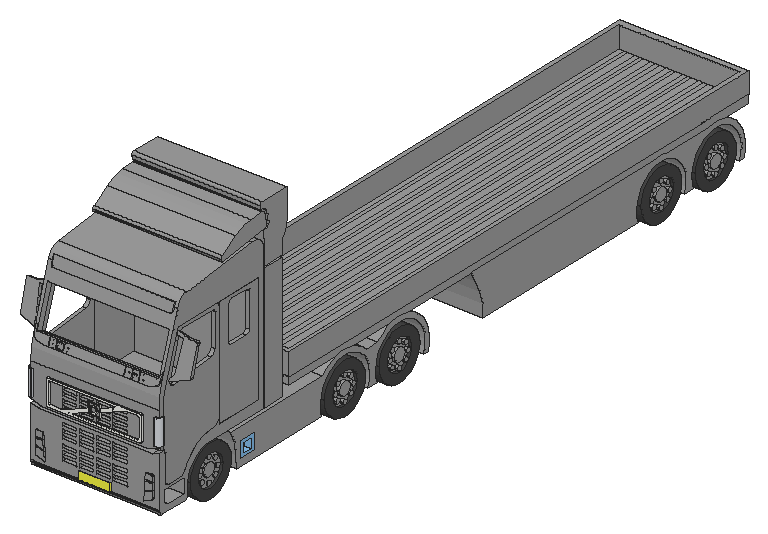
Revit family
Parameters (values of type "Concrete Truck")
  Cab Material = Metal - Paint Finish - White, Matte
  Tire Material = Plastic - Black
  Trailer Material = Metal - Paint Finish - White, Matte
  Assembly Code = ""
Reference planes
  plane 1: z = 0
  plane 2: z = 457.2
  plane 3: z = 457.2
  plane 4: z = 457.2
  plane 5: z = 457.2
  plane 6: z = 457.2
  plane 7: z = 457.2
  plane 8: z = 457.2
  plane 9: z = 457.2
  plane 10: z = 457.2
  plane 11: z = 457.2
Forms (mm)
  Extrusion 1, solid, material "Plastic - Black" <- "Tire Material"
    sketch origin (165.492, 93.444, 0) x (0, -1, 0) y (0, 0, -1)
      loop
        circle (-1660.362, -514.35) r 520.7
      loop
        circle (-241.162, -514.35) r 520.7
      loop
        circle (-241.162, -514.35) r 330.2
      loop
        circle (-1660.362, -514.35) r 330.2
    from 873.125 to 1127.125
  Extrusion 2, solid, material "KASA"
    sketch origin (-43.962, 1371.6, 0) x (0, -1, 0) y (0, 0, 1)
      loop
        line (5126.253, 4115.31) -> (3423.785, 4294.247)
        arc (3423.785, 4294.247) -> (3238.107, 4233.917) -> (3158.698, 4055.562) r 240
        line (3158.698, 4055.562) -> (3158.698, 1071.828) -> (4519.272, 1071.828)
        arc (4519.272, 1071.828) -> (4924.656, 927.437) -> (5147.484, 559.289) r 641.265
        line (5147.484, 559.289) -> (5147.484, 298.433)
        arc (5147.484, 298.433) -> (5160.664, 266.613) -> (5192.484, 253.433) r 45
        line (5192.484, 253.433) -> (5780.246, 253.433)
        arc (5780.246, 253.433) -> (5812.066, 266.613) -> (5825.246, 298.433) r 45
        line (5825.246, 298.433) -> (5825.246, 328.433) -> (5824.138, 328.433)
        arc (5824.138, 328.433) -> (5845.351, 337.22) -> (5854.138, 358.433) r 30
        line (5854.138, 358.433) -> (5854.138, 2208.735)
        arc (5854.138, 2208.735) -> (5835.301, 2448.08) -> (5779.254, 2681.531) r 1530
        line (5779.254, 2681.531) -> (5380.212, 3909.659)
        arc (5380.212, 3909.659) -> (5283.691, 4050.098) -> (5126.253, 4115.31) r 300
      loop
        line (5199.624, 693.996) -> (5199.624, 373.996) -> (5599.624, 373.996)
        arc (5599.624, 373.996) -> (5698.619, 415.001) -> (5739.624, 513.996) r 140
        line (5739.624, 513.996) -> (5739.624, 693.996) -> (5199.624, 693.996)
    from -1336.578 to 1336.578
  Extrusion 3, solid, material "KASA 2"
    sketch origin (1292.617, 93.444, 0) x (0, -1, 0) y (0, 0, -1)
      loop
        line (2570.328, -253.433) -> (370.328, -253.433)
        arc (370.328, -253.433) -> (-239.672, -1143.064) -> (-849.672, -253.433) r 653.947
        line (-849.672, -253.433) -> (-1061.998, -253.433)
        arc (-1061.998, -253.433) -> (-1671.998, -1143.064) -> (-2281.998, -253.433) r 653.947
        line (-2281.998, -253.433) -> (-2388.161, -253.433)
        arc (-2388.161, -253.433) -> (-2049.167, -1141.942) -> (-1110.109, -991.828) r 753.947
        line (-1110.109, -991.828) -> (-801.56, -991.828)
        arc (-801.56, -991.828) -> (-239.672, -1243.064) -> (322.217, -991.828) r 753.947
        line (322.217, -991.828) -> (2713.858, -991.828)
        arc (2713.858, -991.828) -> (2598.163, -631.17) -> (2570.328, -253.433) r 1602.82
    from -720.725 to 0
  Extrusion 4, solid, material "Metal - Paint Finish - White, Matte"
    sketch origin (-1201.467, -4482.538, 905.657) x (1, 0, 0) y (0, 0, 1)
      loop
        arc (201.7, 1132.987) -> (176.952, 1122.736) -> (166.7, 1097.987) r 35
        line (166.7, 1097.987) -> (166.7, 617.719)
        arc (166.7, 617.719) -> (176.952, 592.971) -> (201.7, 582.719) r 35
        line (201.7, 582.719) -> (2113.31, 582.719)
        arc (2113.31, 582.719) -> (2138.059, 592.971) -> (2148.31, 617.719) r 35
        line (2148.31, 617.719) -> (2148.31, 1097.987)
        arc (2148.31, 1097.987) -> (2138.059, 1122.736) -> (2113.31, 1132.987) r 35
        line (2113.31, 1132.987) -> (201.7, 1132.987)
      loop
        arc (216.7, 667.719) -> (226.952, 642.971) -> (251.7, 632.719) r 35
        line (251.7, 632.719) -> (486.7, 632.719) -> (1021.853, 835.203) -> (1021.853, 983.608) -> (1281.853, 983.608) -> (1281.853, 933.578) -> (1676.732, 1082.987) -> (251.7, 1082.987)
        arc (251.7, 1082.987) -> (226.952, 1072.736) -> (216.7, 1047.987) r 35
        line (216.7, 1047.987) -> (216.7, 667.719)
      loop
        arc (2063.31, 632.719) -> (2088.059, 642.971) -> (2098.31, 667.719) r 35
        line (2098.31, 667.719) -> (2098.31, 1047.987)
        arc (2098.31, 1047.987) -> (2088.059, 1072.736) -> (2063.31, 1082.987) r 35
        line (2063.31, 1082.987) -> (1823.76, 1082.987) -> (1281.853, 877.948) -> (1281.853, 753.608) -> (1021.853, 753.608) -> (1021.853, 779.573) -> (633.728, 632.719) -> (2063.31, 632.719)
    from 0 to 23.416
  Extrusion 5, solid, material "Metal - Steel"
    sketch origin (1292.617, 93.444, 0) x (0, -1, 0) y (0, 0, -1)
      loop
        circle (-241.162, -514.345) r 330.2
      loop
        circle (-1660.362, -514.35) r 330.2
    from -254 to -81.558
  Extrusion 6, solid, material "Metal - Steel"
    sketch origin (-1380.54, -4482.538, -61.567) x (1, 0, 0) y (0, 0, 1)
      loop
        line (2517.997, 1043.52) -> (2410.505, 1043.52) -> (2400.63, 913.31) -> (2552.997, 913.31) -> (2552.997, 1008.52)
        arc (2552.997, 1008.52) -> (2542.746, 1033.269) -> (2517.997, 1043.52) r 35
      loop
        line (2370.474, 510.685) -> (2534.01, 575.226)
        arc (2534.01, 575.226) -> (2547.8, 586.255) -> (2552.997, 603.132) r 30
        line (2552.997, 603.132) -> (2552.997, 741.991) -> (2382.926, 674.871) -> (2370.474, 510.685)
      loop
        line (2384.638, 697.447) -> (2552.997, 763.891) -> (2552.997, 890.179) -> (2399.255, 890.179) -> (2384.638, 697.447)
      loop
        arc (155.16, 1043.52) -> (130.411, 1033.269) -> (120.16, 1008.52) r 35
        line (120.16, 1008.52) -> (120.16, 913.31) -> (272.527, 913.31) -> (262.652, 1043.52) -> (155.16, 1043.52)
      loop
        line (302.683, 510.685) -> (290.231, 674.871) -> (120.16, 741.991) -> (120.16, 603.132)
        arc (120.16, 603.132) -> (125.357, 586.255) -> (139.147, 575.226) r 30
        line (139.147, 575.226) -> (302.683, 510.685)
      loop
        line (288.519, 697.447) -> (273.902, 890.179) -> (120.16, 890.179) -> (120.16, 763.891) -> (288.519, 697.447)
    from 0 to 23.416
  Extrusion 7, solid, material "Plastic - Black" <- "Tire Material"
    sketch origin (-253.415, -3648.4, 0) x (0, -1, 0) y (0, 0, 1)
      loop
        circle (-501.162, 514.35) r 520.7
      loop
        circle (-501.162, 514.35) r 330.2
    from 736.033 to 1127.125
  Extrusion 8, solid, material "Metal - Steel"
    sketch origin (-1380.54, -3648.4, 0) x (0, -1, 0) y (0, 0, 1)
      loop
        circle (-502.981, 514.345) r 330.2
    from -254 to -81.558
  Extrusion 9, solid, material "KASA"
    sketch origin (1532.41, -4403.017, 2058.132) x (1, 0, 0) y (0, 0.275637, 0.961262)
      loop
        line (164.108, 1435.184) -> (8.716, 1435.184) -> (-253.371, 1505.41) -> (-253.371, 1445.41) -> (-75.768, 1397.821) -> (-123.879, 763.459) -> (-253.371, 633.967) -> (-387.288, 561.356) -> (180.121, 785.288)
        arc (180.121, 785.288) -> (193.911, 796.318) -> (199.108, 813.194) r 30
        line (199.108, 813.194) -> (199.108, 1400.184)
        arc (199.108, 1400.184) -> (188.856, 1424.932) -> (164.108, 1435.184) r 35
    from -25.436 to 23.416
  Extrusion 10, solid, material "JANT"
    sketch origin (1134.038, 93.444, 0) x (0, -1, 0) y (0, 0, -1)
      loop
        circle (3416.245, -675.51) r 40
      loop
        circle (3237.887, -765.365) r 40
      loop
        circle (3475.316, -505.214) r 40
      loop
        circle (3065.119, -675.51) r 40
      loop
        circle (3006.049, -505.214) r 40
      loop
        circle (3416.245, -353.19) r 40
      loop
        circle (3237.887, -263.335) r 40
      loop
        circle (3065.119, -353.19) r 40
      loop
        circle (3238.863, -514.35) r 130
    from -2479.578 to -2260.578
  Extrusion 11, solid, material "JANT"
    sketch origin (-1380.54, 3575.287, 0) x (0, -1, 0) y (0, 0, 1)
      loop
        circle (3416.245, 675.51) r 40
      loop
        circle (3237.887, 765.365) r 40
      loop
        circle (3475.316, 505.214) r 40
      loop
        circle (3065.119, 675.51) r 40
      loop
        circle (3006.049, 505.214) r 40
      loop
        circle (3416.245, 353.19) r 40
      loop
        circle (3237.887, 263.335) r 40
      loop
        circle (3065.119, 353.19) r 40
      loop
        circle (3238.863, 514.35) r 130
    from -2673.157 to -2419.157
  Extrusion 12, solid, material "Plastic - Black" <- "Tire Material"
    sketch origin (165.492, -3648.4, 0) x (0, -1, 0) y (0, 0, -1)
      loop
        circle (-501.162, -514.35) r 520.7
      loop
        circle (-501.162, -514.35) r 330.2
    from 736.033 to 1127.125
  Extrusion 13, solid, material "Metal - Steel"
    sketch origin (1292.617, -3648.4, 0) x (0, -1, 0) y (0, 0, -1)
      loop
        circle (-502.981, -514.345) r 330.2
    from -254 to -81.558
  Extrusion 14, solid, material "JANT"
    sketch origin (-1221.962, 93.444, 0) x (0, -1, 0) y (0, 0, 1)
      loop
        circle (3416.245, 675.51) r 40
      loop
        circle (3237.887, 765.365) r 40
      loop
        circle (3475.316, 505.214) r 40
      loop
        circle (3065.119, 675.51) r 40
      loop
        circle (3006.049, 505.214) r 40
      loop
        circle (3416.245, 353.19) r 40
      loop
        circle (3237.887, 263.335) r 40
      loop
        circle (3065.119, 353.19) r 40
      loop
        circle (3238.863, 514.35) r 130
    from -2479.578 to -2260.578
  Extrusion 15, void
    sketch origin (-1380.54, 93.444, -300) x (0, 1, 0) y (0, 0, 1)
      loop
        line (-4461.468, 993.996) -> (-4461.468, 813.996)
        arc (-4461.468, 813.996) -> (-4420.463, 715.001) -> (-4321.468, 673.996) r 140
        line (-4321.468, 673.996) -> (-3921.468, 673.996) -> (-3921.468, 993.996) -> (-4461.468, 993.996)
    from 0 to 250
  Extrusion 16, void
    sketch origin (-1380.54, -4407.654, 2681.531) x (-1, 0, 0) y (0, 0.309017, 0.951057)
      loop
        line (-76.2, 918.918) -> (-2596.957, 918.918) -> (-2596.957, 80.718) -> (-76.2, 80.718) -> (-76.2, 918.918)
    from 0 to 250
  Extrusion 17, void
    sketch origin (-1380.54, -4407.654, 2681.531) x (-1, 0, 0) y (0, 0.309017, 0.951057)
      loop
        line (-76.2, 918.918) -> (-2419.157, 918.918) -> (-2419.157, 80.718) -> (-76.2, 80.718) -> (-76.2, 918.918)
    from -253.563 to 1674.622
  Extrusion 18, void
    sketch origin (-1380.54, -4482.538, 778.433) x (-1, 0, 0) y (0, 0, 1)
      loop
        line (-665.774, 759.943) -> (-665.774, 839.943) -> (-960.774, 839.943) -> (-960.774, 759.943) -> (-665.774, 759.943)
      loop
        line (-1015.774, 759.943) -> (-1015.774, 839.943) -> (-1310.774, 839.943) -> (-1310.774, 759.943) -> (-1015.774, 759.943)
      loop
        line (-1365.774, 759.943) -> (-1365.774, 839.943) -> (-1660.774, 839.943) -> (-1660.774, 759.943) -> (-1365.774, 759.943)
      loop
        line (-1715.774, 759.943) -> (-1715.774, 839.943) -> (-2010.774, 839.943) -> (-2010.774, 759.943) -> (-1715.774, 759.943)
      loop
        line (-665.774, 879.943) -> (-665.774, 959.943) -> (-960.774, 959.943) -> (-960.774, 879.943) -> (-665.774, 879.943)
      loop
        line (-1015.774, 879.943) -> (-1015.774, 959.943) -> (-1310.774, 959.943) -> (-1310.774, 879.943) -> (-1015.774, 879.943)
      loop
        line (-1365.774, 879.943) -> (-1365.774, 959.943) -> (-1660.774, 959.943) -> (-1660.774, 879.943) -> (-1365.774, 879.943)
      loop
        line (-1715.774, 879.943) -> (-1715.774, 959.943) -> (-2010.774, 959.943) -> (-2010.774, 879.943) -> (-1715.774, 879.943)
      loop
        line (-665.774, 999.943) -> (-665.774, 1079.943) -> (-960.774, 1079.943) -> (-960.774, 999.943) -> (-665.774, 999.943)
      loop
        line (-1015.774, 999.943) -> (-1015.774, 1079.943) -> (-1310.774, 1079.943) -> (-1310.774, 999.943) -> (-1015.774, 999.943)
      loop
        line (-1365.774, 999.943) -> (-1365.774, 1079.943) -> (-1660.774, 1079.943) -> (-1660.774, 999.943) -> (-1365.774, 999.943)
      loop
        line (-1715.774, 999.943) -> (-1715.774, 1079.943) -> (-2010.774, 1079.943) -> (-2010.774, 999.943) -> (-1715.774, 999.943)
      loop
        line (-665.774, 1119.943) -> (-665.774, 1199.943) -> (-960.774, 1199.943) -> (-960.774, 1119.943) -> (-665.774, 1119.943)
      loop
        line (-1015.774, 1119.943) -> (-1015.774, 1199.943) -> (-1310.774, 1199.943) -> (-1310.774, 1119.943) -> (-1015.774, 1119.943)
      loop
        line (-1365.774, 1119.943) -> (-1365.774, 1199.943) -> (-1660.774, 1199.943) -> (-1660.774, 1119.943) -> (-1365.774, 1119.943)
      loop
        line (-1715.774, 1119.943) -> (-1715.774, 1199.943) -> (-2010.774, 1199.943) -> (-2010.774, 1119.943) -> (-1715.774, 1119.943)
      loop
        line (-665.774, 199.943) -> (-665.774, 279.943) -> (-960.774, 279.943) -> (-960.774, 199.943) -> (-665.774, 199.943)
      loop
        line (-1015.774, 199.943) -> (-1015.774, 279.943) -> (-1310.774, 279.943) -> (-1310.774, 199.943) -> (-1015.774, 199.943)
      loop
        line (-1365.774, 199.943) -> (-1365.774, 279.943) -> (-1660.774, 279.943) -> (-1660.774, 199.943) -> (-1365.774, 199.943)
      loop
        line (-1715.774, 199.943) -> (-1715.774, 279.943) -> (-2010.774, 279.943) -> (-2010.774, 199.943) -> (-1715.774, 199.943)
      loop
        line (-665.774, 319.943) -> (-665.774, 399.943) -> (-960.774, 399.943) -> (-960.774, 319.943) -> (-665.774, 319.943)
      loop
        line (-1015.774, 319.943) -> (-1015.774, 399.943) -> (-1310.774, 399.943) -> (-1310.774, 319.943) -> (-1015.774, 319.943)
      loop
        line (-1365.774, 319.943) -> (-1365.774, 399.943) -> (-1660.774, 399.943) -> (-1660.774, 319.943) -> (-1365.774, 319.943)
      loop
        line (-1715.774, 319.943) -> (-1715.774, 399.943) -> (-2010.774, 399.943) -> (-2010.774, 319.943) -> (-1715.774, 319.943)
      loop
        line (-665.774, 439.943) -> (-665.774, 519.943) -> (-960.774, 519.943) -> (-960.774, 439.943) -> (-665.774, 439.943)
      loop
        line (-1015.774, 439.943) -> (-1015.774, 519.943) -> (-1310.774, 519.943) -> (-1310.774, 439.943) -> (-1015.774, 439.943)
      loop
        line (-1365.774, 439.943) -> (-1365.774, 519.943) -> (-1660.774, 519.943) -> (-1660.774, 439.943) -> (-1365.774, 439.943)
      loop
        line (-1715.774, 439.943) -> (-1715.774, 519.943) -> (-2010.774, 519.943) -> (-2010.774, 439.943) -> (-1715.774, 439.943)
      loop
        line (-665.774, -204.984) -> (-665.774, -124.984) -> (-960.774, -124.984) -> (-960.774, -204.984) -> (-665.774, -204.984)
      loop
        line (-1015.774, -204.984) -> (-1015.774, -124.984) -> (-1310.774, -124.984) -> (-1310.774, -204.984) -> (-1015.774, -204.984)
      loop
        line (-1365.774, -204.984) -> (-1365.774, -124.984) -> (-1660.774, -124.984) -> (-1660.774, -204.984) -> (-1365.774, -204.984)
      loop
        line (-1715.774, -204.984) -> (-1715.774, -124.984) -> (-2010.774, -124.984) -> (-2010.774, -204.984) -> (-1715.774, -204.984)
      loop
        line (-665.774, -84.984) -> (-665.774, -4.984) -> (-960.774, -4.984) -> (-960.774, -84.984) -> (-665.774, -84.984)
      loop
        line (-1015.774, -84.984) -> (-1015.774, -4.984) -> (-1310.774, -4.984) -> (-1310.774, -84.984) -> (-1015.774, -84.984)
      loop
        line (-1365.774, -84.984) -> (-1365.774, -4.984) -> (-1660.774, -4.984) -> (-1660.774, -84.984) -> (-1365.774, -84.984)
      loop
        line (-1715.774, -84.984) -> (-1715.774, -4.984) -> (-2010.774, -4.984) -> (-2010.774, -84.984) -> (-1715.774, -84.984)
      loop
        line (-665.774, 35.016) -> (-665.774, 115.016) -> (-960.774, 115.016) -> (-960.774, 35.016) -> (-665.774, 35.016)
      loop
        line (-1015.774, 35.016) -> (-1015.774, 115.016) -> (-1310.774, 115.016) -> (-1310.774, 35.016) -> (-1015.774, 35.016)
      loop
        line (-1365.774, 35.016) -> (-1365.774, 115.016) -> (-1660.774, 115.016) -> (-1660.774, 35.016) -> (-1365.774, 35.016)
      loop
        line (-1715.774, 35.016) -> (-1715.774, 115.016) -> (-2010.774, 115.016) -> (-2010.774, 35.016) -> (-1715.774, 35.016)
      loop
        line (-251.257, 659.943) -> (-2421.9, 659.943) -> (-2673.157, 741.581) -> (-2673.157, 636.435) -> (-2534.494, 591.381) -> (-138.663, 591.381) -> (0, 636.435) -> (0, 741.581) -> (-251.257, 659.943)
    from 0 to 150
  Extrusion 19, solid, material "JANT"
    sketch origin (-1380.54, 4994.487, 0) x (0, -1, 0) y (0, 0, 1)
      loop
        circle (3416.245, 675.51) r 40
      loop
        circle (3237.887, 765.365) r 40
      loop
        circle (3475.316, 505.214) r 40
      loop
        circle (3065.119, 675.51) r 40
      loop
        circle (3006.049, 505.214) r 40
      loop
        circle (3416.245, 353.19) r 40
      loop
        circle (3237.887, 263.335) r 40
      loop
        circle (3065.119, 353.19) r 40
      loop
        circle (3238.863, 514.35) r 130
    from -2673.157 to -2419.157
  Extrusion 20, solid, material "Plastic - Black" <- "Tire Material"
    sketch origin (-253.415, 93.444, 0) x (0, -1, 0) y (0, 0, 1)
      loop
        circle (-1660.362, 514.35) r 520.7
      loop
        circle (-241.162, 514.35) r 520.7
      loop
        circle (-241.162, 514.35) r 330.2
      loop
        circle (-1660.362, 514.35) r 330.2
    from 873.125 to 1127.125
  Extrusion 21, solid, material "KASA 2"
    sketch origin (-1380.54, 93.444, 0) x (0, -1, 0) y (0, 0, 1)
      loop
        arc (2570.328, 253.433) -> (2598.163, 631.17) -> (2713.858, 991.828) r 1602.82
        line (2713.858, 991.828) -> (322.217, 991.828)
        arc (322.217, 991.828) -> (-239.672, 1243.064) -> (-801.56, 991.828) r 753.947
        line (-801.56, 991.828) -> (-1110.109, 991.828)
        arc (-1110.109, 991.828) -> (-2049.167, 1141.942) -> (-2388.161, 253.433) r 753.947
        line (-2388.161, 253.433) -> (-2281.998, 253.433)
        arc (-2281.998, 253.433) -> (-1671.998, 1143.064) -> (-1061.998, 253.433) r 653.947
        line (-1061.998, 253.433) -> (-849.672, 253.433)
        arc (-849.672, 253.433) -> (-239.672, 1143.064) -> (370.328, 253.433) r 653.947
        line (370.328, 253.433) -> (2570.328, 253.433)
    from -720.725 to 0
  Extrusion 22, solid, material "Metal - Steel"
    sketch origin (-1380.54, 93.444, 0) x (0, -1, 0) y (0, 0, 1)
      loop
        circle (-241.162, 514.345) r 330.2
      loop
        circle (-1660.362, 514.35) r 330.2
    from -254 to -81.558
  Extrusion 23, solid, material "JANT"
    sketch origin (1292.617, 3575.287, 0) x (0, -1, 0) y (0, 0, -1)
      loop
        circle (3416.245, -675.51) r 40
      loop
        circle (3237.887, -765.365) r 40
      loop
        circle (3475.316, -505.214) r 40
      loop
        circle (3065.119, -675.51) r 40
      loop
        circle (3006.049, -505.214) r 40
      loop
        circle (3416.245, -353.19) r 40
      loop
        circle (3237.887, -263.335) r 40
      loop
        circle (3065.119, -353.19) r 40
      loop
        circle (3238.863, -514.35) r 130
    from -2673.157 to -2419.157
  Extrusion 24, solid, material "JANT"
    sketch origin (1292.617, 4994.487, 0) x (0, -1, 0) y (0, 0, -1)
      loop
        circle (3416.245, -675.51) r 40
      loop
        circle (3237.887, -765.365) r 40
      loop
        circle (3475.316, -505.214) r 40
      loop
        circle (3065.119, -675.51) r 40
      loop
        circle (3006.049, -505.214) r 40
      loop
        circle (3416.245, -353.19) r 40
      loop
        circle (3237.887, -263.335) r 40
      loop
        circle (3065.119, -353.19) r 40
      loop
        circle (3238.863, -514.35) r 130
    from -2673.157 to -2419.157
  Extrusion 25, solid, material "Metal - Steel"
    sketch origin (-1380.54, -4769.424, 1811.578) x (1, 0, 0) y (0, 0.292372, 0.956305)
      loop
        line (0, 1153.31) -> (37.559, 940.303)
        arc (37.559, 940.303) -> (62.312, 890.108) -> (110.158, 861.075) r 100
        line (110.158, 861.075) -> (261.125, 820.623) -> (2412.032, 820.623) -> (2562.999, 861.075)
        arc (2562.999, 861.075) -> (2610.845, 890.108) -> (2635.598, 940.303) r 100
        line (2635.598, 940.303) -> (2673.157, 1153.31) -> (2596.957, 999.865) -> (76.2, 999.865) -> (0, 1153.31)
    from -87.231 to -73.742
  Extrusion 26, solid, material "Plaka"
    sketch origin (-1201.467, -4482.538, -434.343) x (1, 0, 0) y (0, 0, 1)
      loop
        line (836.7, 954.865) -> (836.7, 792.719) -> (1481.7, 792.719) -> (1481.7, 954.865) -> (836.7, 954.865)
    from 0 to 23.416
  Extrusion 27, solid
    sketch origin (0, 0, 0) x (1, 0, 0) y (0, 1, 0)
      loop
        line (1230.518, -4505.28) -> (1230.518, -4535.28) -> (1250.518, -4535.28)
        arc (1250.518, -4535.28) -> (1317.693, -4507.455) -> (1345.518, -4440.28) r 95
        line (1345.518, -4440.28) -> (1345.518, -4425.28) -> (1315.518, -4425.28) -> (1315.518, -4460.28)
        arc (1315.518, -4460.28) -> (1302.338, -4492.099) -> (1270.518, -4505.28) r 45
        line (1270.518, -4505.28) -> (1230.518, -4505.28)
    from 1568.397 to 2088.873
  Extrusion 28, solid
    sketch origin (-87.923, 0, 0) x (-1, 0, 0) y (0, -1, 0)
      loop
        line (1230.518, 4505.28) -> (1270.518, 4505.28)
        arc (1270.518, 4505.28) -> (1302.338, 4492.099) -> (1315.518, 4460.28) r 45
        line (1315.518, 4460.28) -> (1315.518, 4425.28) -> (1345.518, 4425.28) -> (1345.518, 4440.28)
        arc (1345.518, 4440.28) -> (1317.693, 4507.455) -> (1250.518, 4535.28) r 95
        line (1250.518, 4535.28) -> (1230.518, 4535.28) -> (1230.518, 4505.28)
    from 1568.397 to 2088.873
  Extrusion 29, solid, material "KASA 3"
    sketch origin (0, 313.948, 0) x (1, 0, 0) y (0, 1, 0)
      loop
        line (-1380.54, 10498.954) -> (-1380.54, -1421.046) -> (1292.617, -1421.046) -> (1292.617, 10498.954) -> (-1380.54, 10498.954)
      loop
        line (1212.617, 10381.604) -> (-1300.54, 10381.604) -> (-1300.54, -1341.046) -> (1212.617, -1341.046) -> (1212.617, 10381.604)
    from 1369.814 to 1828.664
  Extrusion 30, solid, material "Plastic - Black" <- "Tire Material"
    sketch origin (165.492, 8307.392, 0) x (0, -1, 0) y (0, 0, -1)
      loop
        circle (-1660.362, -514.35) r 520.7
      loop
        circle (-241.162, -514.35) r 520.7
      loop
        circle (-241.162, -514.35) r 330.2
      loop
        circle (-1660.362, -514.35) r 330.2
    from 873.125 to 1127.125
  Extrusion 31, solid, material "KASA 3"
    sketch origin (1292.617, 8307.392, 0) x (0, -1, 0) y (0, 0, -1)
      loop
        line (4382.136, -253.433) -> (370.328, -253.433)
        arc (370.328, -253.433) -> (-239.672, -1143.064) -> (-849.672, -253.433) r 653.947
        line (-849.672, -253.433) -> (-1061.998, -253.433)
        arc (-1061.998, -253.433) -> (-1671.998, -1143.064) -> (-2281.998, -253.433) r 653.947
        line (-2281.998, -253.433) -> (-2388.161, -253.433)
        arc (-2388.161, -253.433) -> (-2222.33, -1004.453) -> (-1483.808, -1219.2) r 753.947
        line (-1483.808, -1219.2) -> (-427.862, -1219.2)
        arc (-427.862, -1219.2) -> (-239.672, -1243.064) -> (-51.482, -1219.2) r 753.947
        line (-51.482, -1219.2) -> (4699.088, -1219.2)
        arc (4699.088, -1219.2) -> (4462.028, -762.107) -> (4382.136, -253.433) r 1602.82
    from -2673.157 to 0
  Extrusion 32, solid, material "Metal - Steel"
    sketch origin (1292.617, 8307.392, 0) x (0, -1, 0) y (0, 0, -1)
      loop
        circle (-241.162, -514.345) r 330.2
      loop
        circle (-1660.362, -514.35) r 330.2
    from -254 to -81.558
  Extrusion 33, solid, material "JANT"
    sketch origin (-1380.54, 11789.236, 0) x (0, -1, 0) y (0, 0, 1)
      loop
        circle (3416.245, 675.51) r 40
      loop
        circle (3237.887, 765.365) r 40
      loop
        circle (3475.316, 505.214) r 40
      loop
        circle (3065.119, 675.51) r 40
      loop
        circle (3006.049, 505.214) r 40
      loop
        circle (3416.245, 353.19) r 40
      loop
        circle (3237.887, 263.335) r 40
      loop
        circle (3065.119, 353.19) r 40
      loop
        circle (3238.863, 514.35) r 130
    from -2673.157 to -2419.157
  Extrusion 34, solid, material "JANT"
    sketch origin (-1380.54, 13208.436, 0) x (0, -1, 0) y (0, 0, 1)
      loop
        circle (3416.245, 675.51) r 40
      loop
        circle (3237.887, 765.365) r 40
      loop
        circle (3475.316, 505.214) r 40
      loop
        circle (3065.119, 675.51) r 40
      loop
        circle (3006.049, 505.214) r 40
      loop
        circle (3416.245, 353.19) r 40
      loop
        circle (3237.887, 263.335) r 40
      loop
        circle (3065.119, 353.19) r 40
      loop
        circle (3238.863, 514.35) r 130
    from -2673.157 to -2419.157
  Extrusion 35, solid, material "Plastic - Black" <- "Tire Material"
    sketch origin (-253.415, 8307.392, 0) x (0, -1, 0) y (0, 0, 1)
      loop
        circle (-1660.362, 514.35) r 520.7
      loop
        circle (-241.162, 514.35) r 520.7
      loop
        circle (-241.162, 514.35) r 330.2
      loop
        circle (-1660.362, 514.35) r 330.2
    from 873.125 to 1127.125
  Extrusion 36, solid, material "Metal - Steel"
    sketch origin (-1380.54, 8307.392, 0) x (0, -1, 0) y (0, 0, 1)
      loop
        circle (-241.162, 514.345) r 330.2
      loop
        circle (-1660.362, 514.35) r 330.2
    from -254 to -81.558
  Extrusion 37, solid, material "JANT"
    sketch origin (1292.617, 11789.236, 0) x (0, -1, 0) y (0, 0, -1)
      loop
        circle (3416.245, -675.51) r 40
      loop
        circle (3237.887, -765.365) r 40
      loop
        circle (3475.316, -505.214) r 40
      loop
        circle (3065.119, -675.51) r 40
      loop
        circle (3006.049, -505.214) r 40
      loop
        circle (3416.245, -353.19) r 40
      loop
        circle (3237.887, -263.335) r 40
      loop
        circle (3065.119, -353.19) r 40
      loop
        circle (3238.863, -514.35) r 130
    from -2673.157 to -2419.157
  Extrusion 38, solid, material "JANT"
    sketch origin (1292.617, 13208.436, 0) x (0, -1, 0) y (0, 0, -1)
      loop
        circle (3416.245, -675.51) r 40
      loop
        circle (3237.887, -765.365) r 40
      loop
        circle (3475.316, -505.214) r 40
      loop
        circle (3065.119, -675.51) r 40
      loop
        circle (3006.049, -505.214) r 40
      loop
        circle (3416.245, -353.19) r 40
      loop
        circle (3237.887, -263.335) r 40
      loop
        circle (3065.119, -353.19) r 40
      loop
        circle (3238.863, -514.35) r 130
    from -2673.157 to -2419.157
  Extrusion 39, solid, material "Plastic - Black" <- "Tire Material"
    sketch origin (-214.508, 93.444, 0) x (0, -1, 0) y (0, 0, -1)
      loop
        circle (-1660.362, -514.35) r 520.7
      loop
        circle (-241.162, -514.35) r 520.7
      loop
        circle (-241.162, -514.35) r 330.2
      loop
        circle (-1660.362, -514.35) r 330.2
    from 873.125 to 1127.125
  Extrusion 40, solid, material "Metal - Steel"
    sketch origin (912.617, 93.444, 0) x (0, -1, 0) y (0, 0, -1)
      loop
        circle (-241.162, -514.345) r 330.2
      loop
        circle (-1660.362, -514.35) r 330.2
    from -254 to -81.558
  Extrusion 41, solid, material "JANT"
    sketch origin (-1760.54, 3575.287, 0) x (0, -1, 0) y (0, 0, 1)
      loop
        circle (3416.245, 675.51) r 40
      loop
        circle (3237.887, 765.365) r 40
      loop
        circle (3475.316, 505.214) r 40
      loop
        circle (3065.119, 675.51) r 40
      loop
        circle (3006.049, 505.214) r 40
      loop
        circle (3416.245, 353.19) r 40
      loop
        circle (3237.887, 263.335) r 40
      loop
        circle (3065.119, 353.19) r 40
      loop
        circle (3238.863, 514.35) r 130
    from -2673.157 to -2419.157
  Extrusion 42, solid, material "JANT"
    sketch origin (-1760.54, 4994.487, 0) x (0, -1, 0) y (0, 0, 1)
      loop
        circle (3416.245, 675.51) r 40
      loop
        circle (3237.887, 765.365) r 40
      loop
        circle (3475.316, 505.214) r 40
      loop
        circle (3065.119, 675.51) r 40
      loop
        circle (3006.049, 505.214) r 40
      loop
        circle (3416.245, 353.19) r 40
      loop
        circle (3237.887, 263.335) r 40
      loop
        circle (3065.119, 353.19) r 40
      loop
        circle (3238.863, 514.35) r 130
    from -2673.157 to -2419.157
  Extrusion 43, solid, material "Plastic - Black" <- "Tire Material"
    sketch origin (126.585, 93.444, 0) x (0, -1, 0) y (0, 0, 1)
      loop
        circle (-1660.362, 514.35) r 520.7
      loop
        circle (-241.162, 514.35) r 520.7
      loop
        circle (-241.162, 514.35) r 330.2
      loop
        circle (-1660.362, 514.35) r 330.2
    from 873.125 to 1127.125
  Extrusion 44, solid, material "Metal - Steel"
    sketch origin (-1000.54, 93.444, 0) x (0, -1, 0) y (0, 0, 1)
      loop
        circle (-241.162, 514.345) r 330.2
      loop
        circle (-1660.362, 514.35) r 330.2
    from -254 to -81.558
  Extrusion 45, solid, material "JANT"
    sketch origin (1672.617, 3575.287, 0) x (0, -1, 0) y (0, 0, -1)
      loop
        circle (3416.245, -675.51) r 40
      loop
        circle (3237.887, -765.365) r 40
      loop
        circle (3475.316, -505.214) r 40
      loop
        circle (3065.119, -675.51) r 40
      loop
        circle (3006.049, -505.214) r 40
      loop
        circle (3416.245, -353.19) r 40
      loop
        circle (3237.887, -263.335) r 40
      loop
        circle (3065.119, -353.19) r 40
      loop
        circle (3238.863, -514.35) r 130
    from -2673.157 to -2419.157
  Extrusion 46, solid, material "JANT"
    sketch origin (1672.617, 4994.487, 0) x (0, -1, 0) y (0, 0, -1)
      loop
        circle (3416.245, -675.51) r 40
      loop
        circle (3237.887, -765.365) r 40
      loop
        circle (3475.316, -505.214) r 40
      loop
        circle (3065.119, -675.51) r 40
      loop
        circle (3006.049, -505.214) r 40
      loop
        circle (3416.245, -353.19) r 40
      loop
        circle (3237.887, -263.335) r 40
      loop
        circle (3065.119, -353.19) r 40
      loop
        circle (3238.863, -514.35) r 130
    from -2673.157 to -2419.157
  Extrusion 47, solid, material "Plastic - Black" <- "Tire Material"
    sketch origin (-214.508, 8307.392, 0) x (0, -1, 0) y (0, 0, -1)
      loop
        circle (-1660.362, -514.35) r 520.7
      loop
        circle (-241.162, -514.35) r 520.7
      loop
        circle (-241.162, -514.35) r 330.2
      loop
        circle (-1660.362, -514.35) r 330.2
    from 873.125 to 1127.125
  Extrusion 48, solid, material "Metal - Steel"
    sketch origin (912.617, 8307.392, 0) x (0, -1, 0) y (0, 0, -1)
      loop
        circle (-241.162, -514.345) r 330.2
      loop
        circle (-1660.362, -514.35) r 330.2
    from -254 to -81.558
  Extrusion 49, solid, material "JANT"
    sketch origin (-1760.54, 11789.236, 0) x (0, -1, 0) y (0, 0, 1)
      loop
        circle (3416.245, 675.51) r 40
      loop
        circle (3237.887, 765.365) r 40
      loop
        circle (3475.316, 505.214) r 40
      loop
        circle (3065.119, 675.51) r 40
      loop
        circle (3006.049, 505.214) r 40
      loop
        circle (3416.245, 353.19) r 40
      loop
        circle (3237.887, 263.335) r 40
      loop
        circle (3065.119, 353.19) r 40
      loop
        circle (3238.863, 514.35) r 130
    from -2673.157 to -2419.157
  Extrusion 50, solid, material "JANT"
    sketch origin (-1760.54, 13208.436, 0) x (0, -1, 0) y (0, 0, 1)
      loop
        circle (3416.245, 675.51) r 40
      loop
        circle (3237.887, 765.365) r 40
      loop
        circle (3475.316, 505.214) r 40
      loop
        circle (3065.119, 675.51) r 40
      loop
        circle (3006.049, 505.214) r 40
      loop
        circle (3416.245, 353.19) r 40
      loop
        circle (3237.887, 263.335) r 40
      loop
        circle (3065.119, 353.19) r 40
      loop
        circle (3238.863, 514.35) r 130
    from -2673.157 to -2419.157
  Extrusion 51, solid, material "Plastic - Black" <- "Tire Material"
    sketch origin (126.585, 8307.392, 0) x (0, -1, 0) y (0, 0, 1)
      loop
        circle (-1660.362, 514.35) r 520.7
      loop
        circle (-241.162, 514.35) r 520.7
      loop
        circle (-241.162, 514.35) r 330.2
      loop
        circle (-1660.362, 514.35) r 330.2
    from 873.125 to 1127.125
  Extrusion 52, solid, material "Metal - Steel"
    sketch origin (-1000.54, 8307.392, 0) x (0, -1, 0) y (0, 0, 1)
      loop
        circle (-241.162, 514.345) r 330.2
      loop
        circle (-1660.362, 514.35) r 330.2
    from -254 to -81.558
  Extrusion 53, solid, material "JANT"
    sketch origin (1672.617, 11789.236, 0) x (0, -1, 0) y (0, 0, -1)
      loop
        circle (3416.245, -675.51) r 40
      loop
        circle (3237.887, -765.365) r 40
      loop
        circle (3475.316, -505.214) r 40
      loop
        circle (3065.119, -675.51) r 40
      loop
        circle (3006.049, -505.214) r 40
      loop
        circle (3416.245, -353.19) r 40
      loop
        circle (3237.887, -263.335) r 40
      loop
        circle (3065.119, -353.19) r 40
      loop
        circle (3238.863, -514.35) r 130
    from -2673.157 to -2419.157
  Extrusion 54, solid, material "JANT"
    sketch origin (1672.617, 13208.436, 0) x (0, -1, 0) y (0, 0, -1)
      loop
        circle (3416.245, -675.51) r 40
      loop
        circle (3237.887, -765.365) r 40
      loop
        circle (3475.316, -505.214) r 40
      loop
        circle (3065.119, -675.51) r 40
      loop
        circle (3006.049, -505.214) r 40
      loop
        circle (3416.245, -353.19) r 40
      loop
        circle (3237.887, -263.335) r 40
      loop
        circle (3065.119, -353.19) r 40
      loop
        circle (3238.863, -514.35) r 130
    from -2673.157 to -2419.157
  Extrusion 55, solid, material "KASA"
    sketch origin (-43.962, 4251.6, 0) x (0, -1, 0) y (0, 0, 1)
      loop
        line (5993.698, 1071.828) -> (5993.698, 3671.828) -> (5553.698, 3671.828) -> (5553.698, 1071.828) -> (5993.698, 1071.828)
    from -1336.578 to -1255.021
  Extrusion 56, solid, material "KASA"
    sketch origin (-43.962, 4251.6, 2640) x (0, -1, 0) y (0, 0, 1)
      loop
        line (5993.698, 1071.828) -> (5993.698, 1413.236)
        arc (5993.698, 1413.236) -> (6000.124, 1573.235) -> (6019.362, 1732.203) r 1995
        line (6019.362, 1732.203) -> (5959.721, 1732.203)
        arc (5959.721, 1732.203) -> (5914.066, 1753.272) -> (5900.475, 1801.682) r 60
        line (5900.475, 1801.682) -> (5945.169, 2081.021)
        arc (5945.169, 2081.021) -> (5975.642, 2135.285) -> (6034.039, 2156.802) r 90
        line (6034.039, 2156.802) -> (6087.294, 2156.802) -> (6100.56, 2239.718)
        arc (6100.56, 2239.718) -> (6090.367, 2276.026) -> (6056.126, 2291.828) r 45
        line (6056.126, 2291.828) -> (5433.698, 2291.828) -> (5433.698, 1669.229)
        arc (5433.698, 1669.229) -> (5453.538, 1548.048) -> (5510.986, 1439.521) r 380
        arc (5510.986, 1439.521) -> (5542.734, 1379.546) -> (5553.698, 1312.578) r 210
        line (5553.698, 1312.578) -> (5553.698, 1071.828) -> (5993.698, 1071.828)
    from -1336.578 to 1336.578
  Extrusion 57, solid, material "KASA"
    sketch origin (-43.962, 3291.6, 2640) x (0, -1, 0) y (0, 0, 1)
      loop
        arc (5120.686, 2102.125) -> (5071.372, 2087.461) -> (5045.401, 2043.049) r 70
        line (5045.401, 2043.049) -> (5011.325, 1821.836)
        arc (5011.325, 1821.836) -> (5018.74, 1791.906) -> (5045.24, 1776.143) r 40
        line (5045.24, 1776.143) -> (6108.042, 1625.356)
        arc (6108.042, 1625.356) -> (6139.884, 1634.754) -> (6153.661, 1664.959) r 40
        line (6153.661, 1664.959) -> (6153.661, 1671.837)
        arc (6153.661, 1671.837) -> (6144.885, 1705.774) -> (6120.756, 1731.2) r 70
        line (6120.756, 1731.2) -> (5777.583, 1945.638)
        arc (5777.583, 1945.638) -> (5585.167, 2036.388) -> (5376.882, 2079.711) r 905
        line (5376.882, 2079.711) -> (5120.686, 2102.125)
    from -1336.578 to 1336.578
  Extrusion 58, solid, material "KASA 2"
    sketch origin (0, 0, 0) x (1, 0, 0) y (0, 1, 0)
      loop
        line (-659.815, 2519.389) -> (-659.815, -1787.098) -> (571.892, -1787.098) -> (571.892, 2519.389) -> (-659.815, 2519.389)
    from 253.433 to 991.828
  Extrusion 59, void
    sketch origin (-1380.54, -4698.903, 1790.017) x (-1, 0, 0) y (0, 0.292372, 0.956305)
      loop
        line (-346.849, 982.576) -> (-456.849, 982.576) -> (-456.849, 962.576) -> (-346.849, 962.576) -> (-346.849, 982.576)
      loop
        line (-346.849, 942.576) -> (-456.849, 942.576) -> (-456.849, 922.576) -> (-346.849, 922.576) -> (-346.849, 942.576)
      loop
        line (-346.849, 902.576) -> (-456.849, 902.576) -> (-456.849, 882.576) -> (-346.849, 882.576) -> (-346.849, 902.576)
      loop
        line (-346.849, 862.576) -> (-456.849, 862.576) -> (-456.849, 842.576) -> (-346.849, 842.576) -> (-346.849, 862.576)
      loop
        line (-496.849, 982.576) -> (-606.849, 982.576) -> (-606.849, 962.576) -> (-496.849, 962.576) -> (-496.849, 982.576)
      loop
        line (-496.849, 942.576) -> (-606.849, 942.576) -> (-606.849, 922.576) -> (-496.849, 922.576) -> (-496.849, 942.576)
      loop
        line (-496.849, 902.576) -> (-606.849, 902.576) -> (-606.849, 882.576) -> (-496.849, 882.576) -> (-496.849, 902.576)
      loop
        line (-496.849, 862.576) -> (-606.849, 862.576) -> (-606.849, 842.576) -> (-496.849, 842.576) -> (-496.849, 862.576)
      loop
        line (-646.849, 982.576) -> (-756.849, 982.576) -> (-756.849, 962.576) -> (-646.849, 962.576) -> (-646.849, 982.576)
      loop
        line (-646.849, 942.576) -> (-756.849, 942.576) -> (-756.849, 922.576) -> (-646.849, 922.576) -> (-646.849, 942.576)
      loop
        line (-646.849, 902.576) -> (-756.849, 902.576) -> (-756.849, 882.576) -> (-646.849, 882.576) -> (-646.849, 902.576)
      loop
        line (-646.849, 862.576) -> (-756.849, 862.576) -> (-756.849, 842.576) -> (-646.849, 842.576) -> (-646.849, 862.576)
      loop
        line (-2326.308, 982.576) -> (-2326.308, 962.576) -> (-2216.308, 962.576) -> (-2216.308, 982.576) -> (-2326.308, 982.576)
      loop
        line (-2326.308, 942.576) -> (-2326.308, 922.576) -> (-2216.308, 922.576) -> (-2216.308, 942.576) -> (-2326.308, 942.576)
      loop
        line (-2326.308, 902.576) -> (-2326.308, 882.576) -> (-2216.308, 882.576) -> (-2216.308, 902.576) -> (-2326.308, 902.576)
      loop
        line (-2326.308, 862.576) -> (-2326.308, 842.576) -> (-2216.308, 842.576) -> (-2216.308, 862.576) -> (-2326.308, 862.576)
      loop
        line (-2176.308, 982.576) -> (-2176.308, 962.576) -> (-2066.308, 962.576) -> (-2066.308, 982.576) -> (-2176.308, 982.576)
      loop
        line (-2176.308, 942.576) -> (-2176.308, 922.576) -> (-2066.308, 922.576) -> (-2066.308, 942.576) -> (-2176.308, 942.576)
      loop
        line (-2176.308, 902.576) -> (-2176.308, 882.576) -> (-2066.308, 882.576) -> (-2066.308, 902.576) -> (-2176.308, 902.576)
      loop
        line (-2176.308, 862.576) -> (-2176.308, 842.576) -> (-2066.308, 842.576) -> (-2066.308, 862.576) -> (-2176.308, 862.576)
      loop
        line (-2026.308, 982.576) -> (-2026.308, 962.576) -> (-1916.308, 962.576) -> (-1916.308, 982.576) -> (-2026.308, 982.576)
      loop
        line (-2026.308, 942.576) -> (-2026.308, 922.576) -> (-1916.308, 922.576) -> (-1916.308, 942.576) -> (-2026.308, 942.576)
      loop
        line (-2026.308, 902.576) -> (-2026.308, 882.576) -> (-1916.308, 882.576) -> (-1916.308, 902.576) -> (-2026.308, 902.576)
      loop
        line (-2026.308, 862.576) -> (-2026.308, 842.576) -> (-1916.308, 842.576) -> (-1916.308, 862.576) -> (-2026.308, 862.576)
    from 0 to 250
  Extrusion 60, void
    sketch origin (-1559.613, -4482.538, 905.657) x (-1, 0, 0) y (0, 0, 1)
      loop
        line (-304.748, 3206.806) -> (-2724.748, 3206.806)
        arc (-2724.748, 3206.806) -> (-2760.103, 3192.161) -> (-2774.748, 3156.806) r 50
        line (-2774.748, 3156.806) -> (-2774.748, 2956.806)
        arc (-2774.748, 2956.806) -> (-2760.103, 2921.451) -> (-2724.748, 2906.806) r 50
        line (-2724.748, 2906.806) -> (-304.748, 2906.806)
        arc (-304.748, 2906.806) -> (-269.393, 2921.451) -> (-254.748, 2956.806) r 50
        line (-254.748, 2956.806) -> (-254.748, 3156.806)
        arc (-254.748, 3156.806) -> (-269.393, 3192.161) -> (-304.748, 3206.806) r 50
    from 0 to 511.994
  Extrusion 61, solid, material "KASA 2"
    sketch origin (-1380.54, -4356.384, 3031.578) x (1, 0, 0) y (0, 0.292372, 0.956305)
      loop
        line (125.675, 820.623) -> (2545.675, 820.623)
        arc (2545.675, 820.623) -> (2581.03, 835.268) -> (2595.675, 870.623) r 50
        line (2595.675, 870.623) -> (2595.675, 1035.635) -> (75.675, 1035.635) -> (75.675, 870.623)
        arc (75.675, 870.623) -> (90.319, 835.268) -> (125.675, 820.623) r 50
    from -175.444 to -73.742
  Extrusion 62, void
    sketch origin (1292.617, 1371.6, 0) x (0, -1, 0) y (0, 0, 1)
      loop
        line (4304.399, 1360.342) -> (4385.378, 1279.363) -> (4526.24, 1279.363)
        arc (4526.24, 1279.363) -> (4922.728, 1121.95) -> (5197.045, 795.253) r 871.706
        arc (5197.045, 795.253) -> (5243.159, 743.844) -> (5309.532, 724.766) r 125
        line (5309.532, 724.766) -> (5607.449, 724.766)
        arc (5607.449, 724.766) -> (5678.159, 754.056) -> (5707.449, 824.766) r 100
        line (5707.449, 824.766) -> (5707.449, 1334.559) -> (5767.707, 1520.015) -> (5767.707, 2196.708)
        arc (5767.707, 2196.708) -> (5752.502, 2389.905) -> (5707.262, 2578.344) r 1235
        line (5707.262, 2578.344) -> (5400.115, 3523.644)
        arc (5400.115, 3523.644) -> (5374.686, 3558.644) -> (5333.541, 3572.013) r 70
        line (5333.541, 3572.013) -> (3264.399, 3572.013) -> (3264.399, 1279.363) -> (4304.399, 1279.363) -> (4304.399, 1360.342)
    from 0 to 2850.76
  Extrusion 63, solid, material "KASA"
    sketch origin (-43.962, 2593.52, 0) x (0, -1, 0) y (0, 0, 1)
      loop
        line (5538.576, 1369.298) -> (5613.511, 1294.363) -> (5750.583, 1294.363)
        arc (5750.583, 1294.363) -> (6153.709, 1141.771) -> (6430.51, 811.352) r 851.767
        arc (6430.51, 811.352) -> (6476.634, 759.168) -> (6543.523, 739.766) r 125
        line (6543.523, 739.766) -> (6825.435, 739.766)
        arc (6825.435, 739.766) -> (6889.075, 766.127) -> (6915.435, 829.766) r 90
        line (6915.435, 829.766) -> (6915.435, 1344.257) -> (6974.894, 1527.252) -> (6974.894, 2234.792)
        arc (6974.894, 2234.792) -> (6963.998, 2373.236) -> (6931.579, 2508.272) r 885
        line (6931.579, 2508.272) -> (6601.818, 3523.171)
        arc (6601.818, 3523.171) -> (6585.471, 3545.671) -> (6559.02, 3554.265) r 45
        line (6559.02, 3554.265) -> (5618.576, 3554.265)
        arc (5618.576, 3554.265) -> (5562.007, 3530.834) -> (5538.576, 3474.265) r 80
        line (5538.576, 3474.265) -> (5538.576, 1369.298)
    from -1336.578 to -1255.021
  Extrusion 64, void
    sketch origin (1292.617, 2593.52, 0) x (0, -1, 0) y (0, 0, 1)
      loop
        line (6484.205, 3488.528) -> (5686.865, 3488.528)
        arc (5686.865, 3488.528) -> (5640.903, 3469.49) -> (5621.865, 3423.528) r 65
        line (5621.865, 3423.528) -> (5621.865, 2735.071)
        arc (5621.865, 2735.071) -> (5651.404, 2658.121) -> (5724.845, 2620.701) r 115
        line (5724.845, 2620.701) -> (6686, 2519.679)
        arc (6686, 2519.679) -> (6792.087, 2563.858) -> (6812.385, 2676.969) r 120
        line (6812.385, 2676.969) -> (6560.099, 3433.827)
        arc (6560.099, 3433.827) -> (6530.981, 3473.428) -> (6484.205, 3488.528) r 80
    from 0 to 250
  Extrusion 65, solid, material "KASA"
    sketch origin (-43.962, 2593.52, 0) x (0, -1, 0) y (0, 0, -1)
      loop
        line (5538.576, -1369.298) -> (5538.576, -3474.265)
        arc (5538.576, -3474.265) -> (5562.007, -3530.834) -> (5618.576, -3554.265) r 80
        line (5618.576, -3554.265) -> (6559.02, -3554.265)
        arc (6559.02, -3554.265) -> (6585.471, -3545.671) -> (6601.818, -3523.171) r 45
        line (6601.818, -3523.171) -> (6931.579, -2508.272)
        arc (6931.579, -2508.272) -> (6963.998, -2373.236) -> (6974.894, -2234.792) r 885
        line (6974.894, -2234.792) -> (6974.894, -1527.252) -> (6915.435, -1344.257) -> (6915.435, -829.766)
        arc (6915.435, -829.766) -> (6889.075, -766.127) -> (6825.435, -739.766) r 90
        line (6825.435, -739.766) -> (6543.523, -739.766)
        arc (6543.523, -739.766) -> (6476.634, -759.168) -> (6430.51, -811.352) r 125
        arc (6430.51, -811.352) -> (6153.709, -1141.771) -> (5750.583, -1294.363) r 851.767
        line (5750.583, -1294.363) -> (5613.511, -1294.363) -> (5538.576, -1369.298)
    from -1336.578 to -1255.021
  Extrusion 66, void
    sketch origin (-1380.54, 2593.52, 0) x (0, -1, 0) y (0, 0, -1)
      loop
        arc (6484.205, -3488.528) -> (6530.981, -3473.428) -> (6560.099, -3433.827) r 80
        line (6560.099, -3433.827) -> (6812.385, -2676.969)
        arc (6812.385, -2676.969) -> (6792.087, -2563.858) -> (6686, -2519.679) r 120
        line (6686, -2519.679) -> (5724.845, -2620.701)
        arc (5724.845, -2620.701) -> (5651.404, -2658.121) -> (5621.865, -2735.071) r 115
        line (5621.865, -2735.071) -> (5621.865, -3423.528)
        arc (5621.865, -3423.528) -> (5640.903, -3469.49) -> (5686.865, -3488.528) r 65
        line (5686.865, -3488.528) -> (6484.205, -3488.528)
    from 0 to 250
  Extrusion 67, solid, material "KASA"
    sketch origin (-43.962, 3425.615, 0) x (0, -1, 0) y (0, 0, 1)
      loop
        line (6347.444, 1294.363) -> (6347.444, 3554.265) -> (5332.713, 3554.265) -> (5332.713, 1294.363) -> (6347.444, 1294.363)
    from -1336.578 to -1255.021
  Extrusion 68, void
    sketch origin (1292.617, 3425.615, 0) x (0, -1, 0) y (0, 0, 1)
      loop
        line (6039.546, 3488.528) -> (5636.94, 3488.528)
        arc (5636.94, 3488.528) -> (5580.371, 3465.097) -> (5556.94, 3408.528) r 80
        line (5556.94, 3408.528) -> (5556.94, 2700.701)
        arc (5556.94, 2700.701) -> (5580.371, 2644.132) -> (5636.94, 2620.701) r 80
        line (5636.94, 2620.701) -> (6039.546, 2620.701)
        arc (6039.546, 2620.701) -> (6096.114, 2644.132) -> (6119.546, 2700.701) r 80
        line (6119.546, 2700.701) -> (6119.546, 3408.528)
        arc (6119.546, 3408.528) -> (6096.114, 3465.097) -> (6039.546, 3488.528) r 80
    from 0 to 250
  Extrusion 69, solid, material "KASA"
    sketch origin (-43.962, 3425.615, 0) x (0, -1, 0) y (0, 0, -1)
      loop
        line (6347.444, -1294.363) -> (5332.713, -1294.363) -> (5332.713, -3554.265) -> (6347.444, -3554.265) -> (6347.444, -1294.363)
    from -1336.578 to -1255.021
  Extrusion 70, void
    sketch origin (-1380.54, 3425.615, 0) x (0, -1, 0) y (0, 0, -1)
      loop
        arc (6039.546, -3488.528) -> (6096.114, -3465.097) -> (6119.546, -3408.528) r 80
        line (6119.546, -3408.528) -> (6119.546, -2700.701)
        arc (6119.546, -2700.701) -> (6096.114, -2644.132) -> (6039.546, -2620.701) r 80
        line (6039.546, -2620.701) -> (5636.94, -2620.701)
        arc (5636.94, -2620.701) -> (5580.371, -2644.132) -> (5556.94, -2700.701) r 80
        line (5556.94, -2700.701) -> (5556.94, -3408.528)
        arc (5556.94, -3408.528) -> (5580.371, -3465.097) -> (5636.94, -3488.528) r 80
        line (5636.94, -3488.528) -> (6039.546, -3488.528)
    from 0 to 250
  Extrusion 71, solid, material "KASA"
    sketch origin (-1620.333, -4403.017, 2058.132) x (-1, 0, 0) y (0, -0.275637, -0.961262)
      loop
        arc (164.108, -1435.184) -> (188.856, -1424.932) -> (199.108, -1400.184) r 35
        line (199.108, -1400.184) -> (199.108, -813.194)
        arc (199.108, -813.194) -> (193.911, -796.318) -> (180.121, -785.288) r 30
        line (180.121, -785.288) -> (-387.288, -561.356) -> (-253.371, -633.967) -> (-123.879, -763.459) -> (-75.768, -1397.821) -> (-253.371, -1445.41) -> (-253.371, -1505.41) -> (8.716, -1435.184) -> (164.108, -1435.184)
    from -25.436 to 23.416
  Extrusion 72, void
    sketch origin (1292.617, 93.444, 0) x (0, 1, 0) y (0, 0, -1)
      loop
        line (-2420.023, -680.317) -> (-2180.023, -680.317) -> (-2180.023, -460.317) -> (-2420.023, -460.317) -> (-2420.023, -680.317)
    from 0 to 150
  Extrusion 73, solid, material "Gri, Solid"
    sketch origin (-43.962, 4251.6, -2600) x (0, -1, 0) y (0, 0, 1)
      loop
        line (6628.18, 3330.317) -> (6288.18, 3330.317) -> (6288.18, 3010.317) -> (6628.18, 3010.317) -> (6628.18, 3330.317)
      loop
        line (6572.732, 3275.001) -> (6344.43, 3275.001) -> (6344.43, 3064.897) -> (6572.732, 3064.897) -> (6572.732, 3275.001)
    from -1348.716 to -1186.578
  Extrusion 74, void
    sketch origin (-1201.467, -4505.953, 905.657) x (-1, 0, 0) y (0, 0, 1)
      loop
        line (-1038.065, 966.76) -> (-1268.065, 966.76) -> (-1268.065, 766.76) -> (-1038.065, 766.76) -> (-1038.065, 966.76)
    from 0 to 250
  Extrusion 75, solid, material "KASA 2"
    sketch origin (-3801.467, -4482.538, 905.657) x (1, 0, 0) y (0, 0, 1)
      loop
        line (3638.065, 966.76) -> (3638.065, 766.76) -> (3868.065, 766.76) -> (3868.065, 966.76) -> (3638.065, 966.76)
    from 0 to 23.416
  Extrusion 76, solid, material "Metal - Paint Finish - White, Matte"
    sketch origin (-3861.467, -4482.538, 905.657) x (1, 0, 0) y (0, 0, 1)
      loop
        circle (3810.443, 866.662) r 80
      loop
        circle (3810.443, 866.662) r 60
    from 0 to 35.221
  Extrusion 77, solid, material "KASA"
    sketch origin (-43.962, 4251.6, 0) x (0, -1, 0) y (0, 0, -1)
      loop
        line (5993.698, -1071.828) -> (5553.698, -1071.828) -> (5553.698, -3671.828) -> (5993.698, -3671.828) -> (5993.698, -1071.828)
    from -1336.578 to -1255.021
  Extrusion 78, solid, material "KASA"
    sketch origin (-2217.24, -4482.538, -434.343) x (1, 0, 0) y (0, 0, 1)
      loop
        line (836.7, 1652.719) -> (3509.857, 1652.719) -> (3509.857, 1804.157) -> (3426.322, 1804.157) -> (3383.895, 1761.731) -> (3283.895, 1761.731) -> (3241.469, 1804.157) -> (3110.67, 1804.157) -> (3068.244, 1761.731) -> (2968.244, 1761.731) -> (2925.817, 1804.157) -> (2775.817, 1804.157) -> (2733.391, 1761.731) -> (2633.391, 1761.731) -> (2590.964, 1804.157) -> (2440.964, 1804.157) -> (2398.538, 1761.731) -> (2298.538, 1761.731) -> (2256.112, 1804.157) -> (2106.112, 1804.157) -> (2063.685, 1761.731) -> (1963.685, 1761.731) -> (1921.259, 1804.157) -> (1771.259, 1804.157) -> (1728.832, 1761.731) -> (1628.832, 1761.731) -> (1586.406, 1804.157) -> (1436.406, 1804.157) -> (1393.979, 1761.731) -> (1293.979, 1761.731) -> (1251.553, 1804.157) -> (1101.553, 1804.157) -> (1059.127, 1761.731) -> (959.127, 1761.731) -> (916.7, 1804.157) -> (836.7, 1804.157) -> (836.7, 1652.719)
    from -15295.44 to -3375.44
Cuts and joins
  Extrusion 15, Extrusion 16, Extrusion 17, Extrusion 18, Extrusion 59, Extrusion 60, Extrusion 62, Extrusion 64, Extrusion 66, Extrusion 68, Extrusion 70, Extrusion 72, Extrusion 74 cuts Extrusion 2
  Extrusion 18, Extrusion 74 cuts Extrusion 4
  Extrusion 59, Extrusion 62 cuts Extrusion 25
  Extrusion 62, Extrusion 72 cuts Extrusion 3
  Extrusion 62, Extrusion 64, Extrusion 66 cuts Extrusion 9
  Extrusion 62 cuts Extrusion 12
  Extrusion 62 cuts Extrusion 13
  Extrusion 62 cuts Extrusion 14
  Extrusion 64, Extrusion 66 cuts Extrusion 63
  Extrusion 66 cuts Extrusion 65
  Extrusion 68, Extrusion 70 cuts Extrusion 67
  Extrusion 70 cuts Extrusion 69
